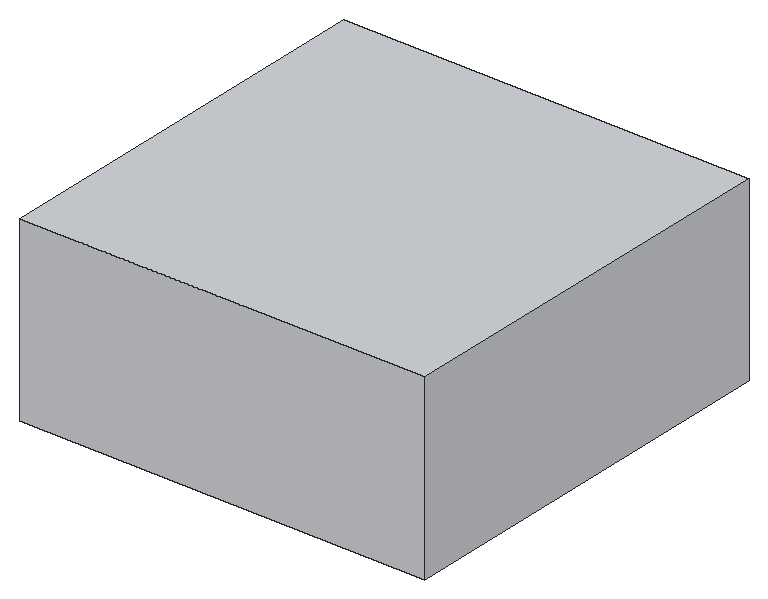
Revit family "M_Caixa de junção do conduíte - Cruzamento - Alumínio", category Conexões do conduite, Revit 2019
Family settings
  Cota do conector redondo = Usar raio
  Tipo de parte = Cruzeta
  Número OmniClass = 23.80.30.17.11
  Título OmniClass = Conduits
  ID de item do Seek = Conduit Junction Box - Cross - Aluminum-0000-CAN-ENU
  Com base no plano de trabalho = Não
  Sempre na vertical = Sim
  Corte com vazios quando carregada = Não
  Compartilhado = Não
Parameters (values of type "Padrão")
  Largura [instance] = Comprimento  # 116 mm
  Raio nominal 4 [instance] = 8 mm
  Raio nominal 3 [instance] = 8 mm
  Raio nominal 2 [instance] = 8 mm
  Raio nominal 1 [instance] = 8 mm
  Diâmetro nominal 4 [instance] = Raio nominal 4 * 2  # 16 mm
  Diâmetro nominal 3 [instance] = Raio nominal 3 * 2  # 16 mm
  Diâmetro nominal 2 [instance] = Raio nominal 2 * 2  # 16 mm
  Diâmetro nominal 1 [instance] = Raio nominal 1 * 2  # 16 mm
  Diâmetro nominal máximo 34 [instance] = if(Diâmetro nominal 3 > Diâmetro nominal 4, Diâmetro nominal 3, Diâmetro nominal 4)  # 16 mm
  Diâmetro nominal máximo 1234 [instance] = if(Diâmetro nominal máximo 12 > Diâmetro nominal máximo 34, Diâmetro nominal máximo 12, Diâmetro nominal máximo 34)  # 16 mm
  Diâmetro nominal máximo 12 [instance] = if(Diâmetro nominal 1 > Diâmetro nominal 2, Diâmetro nominal 1, Diâmetro nominal 2)  # 16 mm
  Altura [instance] = if(not(Diâmetro nominal máximo 1234 > 27 mm), 52 mm, if(Diâmetro nominal máximo 1234 < 155 mm, 152 mm, Diâmetro nominal máximo 1234 * 1.2))  # 52 mm
  Comprimento [instance] = if(not(Diâmetro nominal máximo 1234 > 27 mm), 116 mm, 6 * Diâmetro nominal máximo 1234)  # 116 mm
Reference planes
  plane 1 "Centro (Frente/Trás)": y = 0
  plane 2: z = 0
  plane 3 "Centro (Esquerda/Direita)": x = 0
  plane 4: x = -58
  plane 5: x = 58
  plane 6: y = 58
  plane 7: y = -58
  plane 8: z = 26
  plane 9: z = -26
Forms (mm)
  Extrusion 1, solid
    sketch origin (0, 0, 0) x (1, 0, 0) y (0, 1, 0)
      loop
        line (-58, 58) -> (-58, -58) -> (58, -58) -> (58, 58) -> (-58, 58)
    from -26 to 26
Dimensions and locks
  equal spacing: plane 4, plane 3 "Centro (Esquerda/Direita)", plane 5
  "Comprimento": plane 4 to plane 5
  equal spacing: plane 6, plane 1 "Centro (Frente/Trás)", plane 7
  "Largura": plane 6 to plane 7
  equal spacing: plane 8, plane 2, plane 9
  "Altura": plane 8 to plane 9
  aligned and locked: Extrusion 1 sketch curve to plane 6
  aligned and locked: plane 4 to Extrusion 1 sketch curve
  aligned and locked: plane 7 to Extrusion 1 sketch curve
  aligned and locked: Extrusion 1 sketch curve to plane 5
  aligned and locked: Extrusion 1 to plane 9
  aligned and locked: plane 8 to Extrusion 1
Connectors
  cabletrayconduit at (-58, 0, 0), diameter 16, driven by "Raio nominal 1"
    settings: on Extrusion 1, index 1, connector width 304.8 mm, connector height 304.8 mm, connector angle 0.00°, system type 32, placement type 0, profile type 0, connector reference index 2, is primary connector yes, connector utility param no, connector description ""
  cabletrayconduit at (58, 0, 0), diameter 16, driven by "Raio nominal 2"
    settings: on Extrusion 1, index 2, connector width 304.8 mm, connector height 304.8 mm, connector angle 0.00°, system type 32, placement type 0, profile type 0, connector reference index 1, is primary connector no, connector utility param no, connector description ""
  cabletrayconduit at (0, -58, 0), diameter 16, driven by "Raio nominal 3"
    settings: on Extrusion 1, index 3, connector width 304.8 mm, connector height 304.8 mm, connector angle 0.00°, system type 32, placement type 0, profile type 0, connector reference index 4, is primary connector no, connector utility param no, connector description ""
  cabletrayconduit at (0, 58, 0), diameter 16, driven by "Raio nominal 4"
    settings: on Extrusion 1, index 4, connector width 304.8 mm, connector height 304.8 mm, connector angle 0.00°, system type 32, placement type 0, profile type 0, connector reference index 3, is primary connector no, connector utility param no, connector description ""
